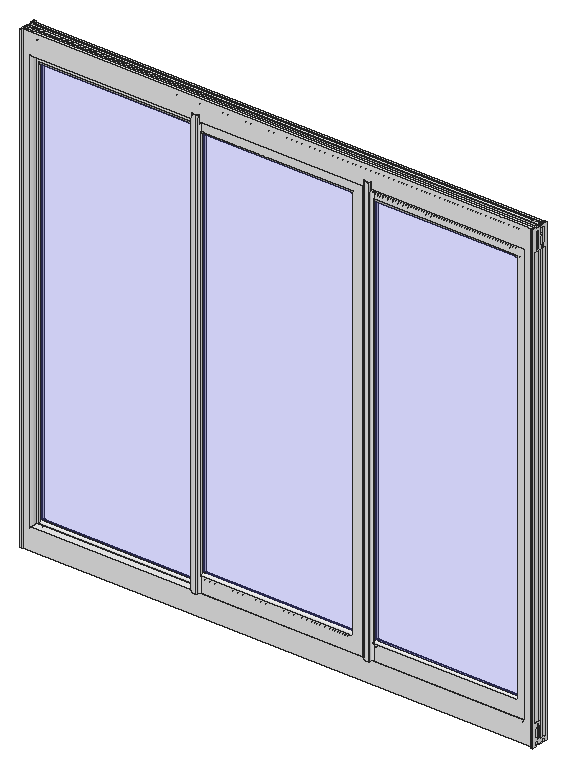
Revit family "DAL_A3-AGI-Sliding-Patio-Door-With-Side-Lights-2210mm", category Doors, host Wall, Revit 2016
Family settings
  Host = Wall
  Always vertical = Yes
  Cut with Voids When Loaded = No
  Shared = No
  Room Calculation Point = No
Parameters (values of type "AGI sliding patio door with side lights 2210mm")
  URL = "http://www.agi.co.za/patioDoor1.htm"
  Panel 2 Width = (Width / 3)  # 736.667 mm
  Panel 2 Hieght = Height - 89 mm  # 1911 mm
  Panel 1 Width = (Width / 3) - 10 mm  # 726.667 mm
  Panel 1 Hieght = Height - 154 mm  # 1846 mm
  Manufacturer = "AGI"
  Function = Interior
  Frame material = none
  Frame Projection Ext. = 25 mm
  Frame Projection Int. = 25 mm
  Frame Width = 75 mm
  Height = 2000 mm
  Wall Closure = By host
  Width = 2210 mm
Reference planes
  plane 1 "Centre(Exterior/Interior)": y = 0
  plane 2 "Center (Left/Right)": x = -250
  plane 3 "Left": x = -986.667
  plane 4 "Right": x = 1223.333
  plane 5 "Top": z = 2000
  plane 6 "Exterior": y = 75
  plane 7 "Interior": y = -75
  plane 8: z = 25
  plane 9 "Panel top": z = 1936.037
  plane 10: x = -976.667
  plane 11: x = 1213.333
  plane 12: z = 90
  plane 13: x = 486.667
Forms (mm)
  Sweep 1, solid, material <- "Frame material", detail levels medium+fine
    path origin (0, 0, 0) x (1, 0, 0) y (0, 0, 1)
      loop
        line (1223.333, 0) -> (-986.667, 0)
    profile "AGI SLIDING PATIO Base frame profile : AGI SLIDING PATIO Base frame profile" origin (118.333, 0, 0) x (0, 0, -1) y (0, -1, 0)
      loop
        line (-90, 32.5) -> (-90, -2.5) -> (-73.55, -2.5) -> (-73.55, 2.5) -> (-86, 2.5) -> (-86, 4.847) -> (-23.5, 4.847) -> (-23.5, -1) -> (-12.362, -1) -> (-12.362, 1) -> (-21, 1) -> (-21, 21.5) -> (-33.87, 21.5) -> (-33.87, 19) -> (-23.5, 19) -> (-23.5, 7.347) -> (-86, 7.347) -> (-86, 19) -> (-73.55, 19) -> (-65.757, 26.793) -> (-69.293, 26.793) -> (-74.586, 21.5) -> (-86, 21.5) -> (-86, 32.5) -> (-90, 32.5)
      loop
        line (-2, 22.5) -> (0, 22.5) -> (0, 32.5) -> (-85, 32.5) -> (-85, 22.5) -> (-75, 22.5) -> (-70, 27.5) -> (-20, 27.5) -> (-20, 3.847) -> (-18.194, 3.847)
        arc (-18.194, 3.847) -> (-10, 0) -> (-18.194, -3.847) r 5
        line (-18.194, -3.847) -> (-20, -3.847) -> (-19.131, -17.639) -> (-25, -17.639) -> (-25, -19.673) -> (-19.003, -19.673) -> (-18.352, -30) -> (-2, -30) -> (-2, -32.5) -> (0, -32.5) -> (0, -25) -> (-13.657, -25) -> (-14.603, -9.992)
        arc (-14.603, -9.992) -> (-8.146, -7.281) -> (-5.05, -1) r 10
        line (-5.05, -1) -> (0, -1) -> (0, 1) -> (-5.05, 1)
        arc (-5.05, 1) -> (-8.292, 7.416) -> (-15, 10) r 10
        line (-15, 10) -> (-15, 27.5) -> (-2, 27.5) -> (-2, 22.5)
  Sweep 2, solid, material <- "Frame material", detail levels medium+fine
    path origin (0, 0, 0) x (1, 0, 0) y (0, 0, 1)
      loop
        line (1223.333, 2000) -> (1223.333, 0)
    profile "AGI SLIDING PATIO side frame profile : AGI SLIDING PATIO side frame profile" origin (1223.333, 0, 1000) x (1, 0, 0) y (0, -1, 0)
      loop
        line (-10, -32.5) -> (-10, -37.5) -> (0, -37.5) -> (0, -32.5) -> (-2, -32.5) -> (-2, -35.5) -> (-5, -35.5) -> (-5, -11.015) -> (-2, -11.015) -> (-2, -6.015) -> (-5, -6.015) -> (-5, -2.5) -> (-2, -2.5) -> (-2, 2.5) -> (-5, 2.5) -> (-5, 35.5) -> (-2, 35.5) -> (-2, 32.5) -> (0, 32.5) -> (0, 37.5) -> (-10, 37.5) -> (-10, 32.5) -> (-40, 32.5) -> (-40, 27.5) -> (-10, 27.5) -> (-10, 2) -> (-8, 2) -> (-8, -2) -> (-10, -2) -> (-10, -27.5) -> (-37.71, -27.5) -> (-37.71, -26.5) -> (-11, -26.5) -> (-11, -24.5) -> (-36.319, -24.5)
        arc (-36.319, -24.5) -> (-38.09, -14) -> (-36.319, -3.5) r 32.018
        line (-36.319, -3.5) -> (-30.069, -3.5) -> (-30.069, -1) -> (-9, -1) -> (-9, 1) -> (-40, 1)
        arc (-40, 1) -> (-42.935, -15.75) -> (-40, -32.5) r 49.268
        line (-40, -32.5) -> (-10, -32.5)
  Sweep 3, solid, material <- "Frame material", detail levels medium+fine
    path origin (0, 0, 0) x (1, 0, 0) y (0, 0, 1)
      loop
        line (-986.667, 2000) -> (1223.333, 2000)
    profile "AGI SLIDING PATIO Top frame profile : AGI SLIDING PATIO Top frame profile" origin (118.333, 0, 2000) x (0, 0, 1) y (0, -1, 0)
      loop
        line (0, 1.5) -> (-5, 1.5) -> (-5, 27.5) -> (-2, 27.5) -> (-2, 22.5) -> (0, 22.5) -> (0, 32.5) -> (-90, 32.5) -> (-90, 22.5) -> (-75, 22.5) -> (-75, 27.5) -> (-10, 27.5) -> (-10, 1.5) -> (-27.652, 1.5)
        arc (-27.652, 1.5) -> (-28.663, 4.011) -> (-30.5, 6) r 7.5
        line (-30.5, 6) -> (-27.08, 6) -> (-27.08, 2.18) -> (-11, 8) -> (-88, 8) -> (-88, 19.5) -> (-11, 19.5) -> (-27.08, 26.5) -> (-27.08, 21.5) -> (-90, 21.5) -> (-90, 6) -> (-39.5, 6)
        arc (-39.5, 6) -> (-41.337, 4.011) -> (-42.348, 1.5) r 7.5
        line (-42.348, 1.5) -> (-75, 1.5) -> (-75, 5) -> (-90, 5) -> (-90, -5) -> (-75, -5) -> (-75, -1.5) -> (-42.348, -1.5)
        arc (-42.348, -1.5) -> (-41.321, -4.036) -> (-39.453, -6.035) r 7.5
        line (-39.453, -6.035) -> (-36.781, -2.414)
        arc (-36.781, -2.414) -> (-35, 3) -> (-33.219, -2.414) r 3
        line (-33.219, -2.414) -> (-30.547, -6.035)
        arc (-30.547, -6.035) -> (-28.679, -4.036) -> (-27.652, -1.5) r 7.5
        line (-27.652, -1.5) -> (-10, -1.5) -> (-10, -27.5) -> (-75, -27.5) -> (-75, -22.5) -> (-90, -22.5) -> (-90, -32.5) -> (0, -32.5) -> (0, -22.5) -> (-2, -22.5) -> (-2, -27.5) -> (-5, -27.5) -> (-5, -1.5) -> (0, -1.5) -> (0, 1.5)
  Sweep 4, solid, material <- "Frame material", detail levels medium+fine
    path origin (0, 0, 0) x (1, 0, 0) y (0, 0, 1)
      loop
        line (-986.667, 2000) -> (-986.667, 0)
    profile "AGI SLIDING PATIO side frame profile : AGI SLIDING PATIO side frame profile" origin (-986.667, 0, 1000) x (1, 0, 0) y (0, -1, 0)
      loop
        line (10, 32.5) -> (10, 37.5) -> (0, 37.5) -> (0, 32.5) -> (2, 32.5) -> (2, 35.5) -> (5, 35.5) -> (5, 11.015) -> (2, 11.015) -> (2, 6.015) -> (5, 6.015) -> (5, 2.5) -> (2, 2.5) -> (2, -2.5) -> (5, -2.5) -> (5, -35.5) -> (2, -35.5) -> (2, -32.5) -> (0, -32.5) -> (0, -37.5) -> (10, -37.5) -> (10, -32.5) -> (40, -32.5) -> (40, -27.5) -> (10, -27.5) -> (10, -2) -> (8, -2) -> (8, 2) -> (10, 2) -> (10, 27.5) -> (37.71, 27.5) -> (37.71, 26.5) -> (11, 26.5) -> (11, 24.5) -> (36.319, 24.5)
        arc (36.319, 24.5) -> (38.09, 14) -> (36.319, 3.5) r 32.018
        line (36.319, 3.5) -> (30.069, 3.5) -> (30.069, 1) -> (9, 1) -> (9, -1) -> (40, -1)
        arc (40, -1) -> (42.935, 15.75) -> (40, 32.5) r 49.268
        line (40, 32.5) -> (10, 32.5)
Cuts and joins
  joined: Sweep 1, Sweep 2, Sweep 3, Sweep 4
Lines and regions (mm)
  Opening 1
    outline origin (-3050, -75, 0) x (1, 0, 0) y (0, 0, 1)
      loop
        line (2063.333, 0) -> (4273.333, 0) -> (4273.333, 2000) -> (2063.333, 2000) -> (2063.333, 0)
  symbolic lines, style "Elevation Swing"
    curve 1: line (206.116, 12.619, 0) -> (101.116, 12.619, 0)
    curve 2: line (101.116, 12.619, 0) -> (115.258, -1.523, 0)
    curve 3: line (101.116, 12.619, 0) -> (115.258, 26.761, 0)
    curve 14: line (916.116, 12.619, 0) -> (811.116, 12.619, 0)
    curve 15: line (811.116, 12.619, 0) -> (825.258, -1.523, 0)
    curve 16: line (811.116, 12.619, 0) -> (825.258, 26.761, 0)
  symbolic lines, style "Overhead line", detail levels coarse
    curve 4: line (-986.667, 75, 0) -> (1223.333, 75, 0)
    curve 5: line (1223.333, -75, 0) -> (-986.667, -75, 0)
  symbolic lines, style "DoorsPanelProjection", detail levels coarse
    curve 6: line (-986.667, 17, 0) -> (-250, 17, 0)
    curve 7: line (115, 0, 1013) -> (-5, 0, 1013)
    curve 8: line (-5, 0, 1013) -> (9.142, 0, 1027.142)
    curve 9: line (-5, 0, 1013) -> (9.142, 0, 998.858)
    curve 10: line (731.667, 0, 1013) -> (611.667, 0, 1013)
    curve 11: line (611.667, 0, 1013) -> (625.809, 0, 1027.142)
    curve 12: line (611.667, 0, 1013) -> (625.809, 0, 998.858)
    curve 13: line (1223.333, -14.5, 0) -> (-250, -14.5, 0)
Text (mm)
  text "Exterior" at (-2295.016, 1099.543, 0), in view "Ref. Level"
  text "Exterior" at (0, 1615.38, 3698.081), in view "Left"
  text "Exterior" at (0, 1036.032, 3874.932), in view "Right"
Dimensions and locks
  equal spacing: plane 3 "Left", plane 2 "Center (Left/Right)", plane 13, plane 4 "Right"
  "Width": plane 3 "Left" to plane 4 "Right"
  "Height": plane 5 "Top" to host wall
  host wall to plane 5 "Top" = 2000 mm  (x2)
  locked: plane 6 "Exterior" to host wall at 0
  locked: plane 7 "Interior" to host wall
  locked: level to plane 8 at 25
  locked: plane 3 "Left" to plane 10 at 10
  locked: plane 11 to plane 4 "Right" at 10
  locked: level to plane 12 at 90
  aligned and locked: plane 3 "Left" to Opening 1 sketch curve
  aligned and locked: plane 5 "Top" to Opening 1 sketch curve  (x2)
  aligned and locked: Opening 1 sketch curve to plane 4 "Right"
  aligned and locked: Opening 1 sketch curve to level
  aligned and locked: plane 1 "Centre(Exterior/Interior)" to host wall
  aligned and locked: level to Sweep 1 sketch curve
  aligned and locked: plane 4 "Right" to Sweep 1 sketch curve
  aligned and locked: plane 3 "Left" to Sweep 1 sketch curve
  aligned and locked: plane 4 "Right" to Sweep 2 sketch curve
  aligned and locked: plane 5 "Top" to Sweep 2 sketch curve
  aligned and locked: level to Sweep 2 sketch curve
  aligned and locked: plane 5 "Top" to Sweep 3 sketch curve
  aligned and locked: plane 4 "Right" to Sweep 3 sketch curve
  aligned and locked: plane 3 "Left" to Sweep 3 sketch curve
  aligned and locked: plane 3 "Left" to Sweep 4 sketch curve
  aligned and locked: plane 5 "Top" to Sweep 4 sketch curve
  aligned and locked: level to Sweep 4 sketch curve
  aligned and locked: nested 1 to plane 8
  aligned and locked: plane 3 "Left" to curve 4
  aligned and locked: plane 4 "Right" to curve 4
  aligned and locked: plane 4 "Right" to curve 5
  aligned and locked: curve 5 to plane 7 "Interior"
  aligned and locked: plane 6 "Exterior" to curve 4
  aligned and locked: plane 2 "Center (Left/Right)" to curve 6
  aligned and locked: plane 3 "Left" to curve 6
  aligned and locked: plane 12 to nested 3
  aligned and locked: plane 13 to nested 3
  aligned and locked: nested 3 to nested 2
  aligned and locked: plane 11 to nested 2
  aligned and locked: nested 1 to plane 10
  aligned and locked: nested 2 to cut or joined group of Sweep 1, Sweep 2, Sweep 3, Sweep 4
  aligned and locked: cut or joined group of Sweep 1, Sweep 2, Sweep 3, Sweep 4 to nested 1
  aligned and locked: plane 2 "Center (Left/Right)" to curve 13
  aligned and locked: plane 4 "Right" to curve 13
  aligned and locked: curve 13 to nested 2
Automatic sketch dimensions
  plane 2 "Center (Left/Right)" to curve 7 = 245 mm
  curve 7 to curve 8 = 14.142 mm
  curve 7 to curve 9 = 14.142 mm
  curve 8 to curve 7 = 105.858 mm
  plane 13 to curve 10 = 125 mm
  curve 12 to curve 11 = 14.142 mm
  curve 12 to curve 12 = 14.142 mm  (x2)
  curve 11 to curve 10 = 105.858 mm
  curve 9 to plane 12 = 908.858 mm
  curve 12 to curve 9 = 0 mm
  curve 9 to curve 8 = 14.142 mm
  curve 5 to plane 3 "Left" = 0 mm
  curve 1 to host wall = 12.619 mm
  plane 2 "Center (Left/Right)" to curve 1 = 351.116 mm
  curve 3 to host wall = 26.761 mm
  curve 1 to curve 3 = 14.142 mm
  host wall to curve 2 = 1.523 mm
  curve 3 to curve 1 = 90.858 mm
  curve 16 to host wall = 12.619 mm
  plane 13 to curve 16 = 324.449 mm
  host wall to curve 15 = 1.523 mm
  curve 14 to curve 15 = 14.142 mm
  curve 16 to host wall = 26.761 mm
  curve 16 to curve 14 = 90.858 mm
  curve 6 to host wall = 17 mm
Nested families
  nested 1: "AGI sliding patio side i" at (-465.533, 17, 25), type "AGI sliding patio side i", detail levels medium+fine
    with Width 736.667 mm
  nested 2: "AGI sliding patio side II" at (992.8, -14.5, 90), type "AGI sliding patio side II", detail levels medium+fine
    with Width 726.667 mm
  nested 3: "AGI sliding patio side IV" at (256.133, -14.5, 90), type "AGI sliding patio side II", detail levels medium+fine
    with Width 736.667 mm
Definition of nested family "AGI sliding patio side i"
  Parameters
    Width = 750 mm
    Height = 1911 mm
    Glass = none
    Frame = none
    Assembly Code = ""
  Reference planes
    plane 1 "Center (Front/Back)": y = 0
    plane 2: z = 0
    plane 3 "Center (Left/Right)": x = -142.8
    plane 4 "Right": x = 232.2
    plane 5 "Left": x = -517.8
    plane 6: z = 1911
    plane 7: z = 1846
    plane 8: z = 65
    plane 9 "PANEL": y = 2.5
    plane 10: x = -488.8
    plane 11: x = 203.2
  Forms (mm)
    Sweep 1, solid
      path origin (0, 0, 0) x (1, 0, 0) y (0, 1, 0)
        loop
          line (232.2, 0) -> (-517.8, 0)
      profile "AGI panel top & bottom profile : AGI panel top & bottom profile" origin (-142.8, 0, 0) x (0, -1, 0) y (0, 0, 1)
        loop
          line (13, 0) -> (13, 65)
          arc (13, 65) -> (9.925, 72.425) -> (2.5, 75.5) r 10.5
          line (2.5, 75.5) -> (2.5, 65) -> (5, 65) -> (5, 69.899)
          arc (5, 69.899) -> (7.19, 67.872) -> (8, 65) r 5.5
          line (8, 65) -> (8, 54.802) -> (3.867, 54.802)
          arc (3.867, 54.802) -> (0, 56.632) -> (-3.867, 54.802) r 5
          line (-3.867, 54.802) -> (-8, 54.802) -> (-8, 65)
          arc (-8, 65) -> (-7.19, 67.872) -> (-5, 69.899) r 5.5
          line (-5, 69.899) -> (-5, 65) -> (-2.5, 65) -> (-2.5, 75.5)
          arc (-2.5, 75.5) -> (-9.925, 72.425) -> (-13, 65) r 10.5
          line (-13, 65) -> (-13, 0) -> (-5, 0) -> (-5, 5) -> (-8, 5) -> (-8, 49.802) -> (-4.653, 49.802)
          arc (-4.653, 49.802) -> (-3.789, 48.369) -> (-2.5, 47.302) r 5
          line (-2.5, 47.302) -> (-0.948, 49.319)
          arc (-0.948, 49.319) -> (-0.168, 54.126) -> (1.25, 49.467) r 2.5
          line (1.25, 49.467) -> (2.5, 47.302)
          arc (2.5, 47.302) -> (3.789, 48.369) -> (4.653, 49.802) r 5
          line (4.653, 49.802) -> (8, 49.802) -> (8, 5) -> (5, 5) -> (5, 0) -> (13, 0)
    Sweep 2, solid
      path origin (0, 0, 0) x (1, 0, 0) y (0, 0, 1)
        loop
          line (-517.8, 1911) -> (232.2, 1911)
      profile "AGI panel top & bottom profile : AGI panel top & bottom profile" origin (-142.8, 0, 1911) x (0, 0, 1) y (0, -1, 0)
        loop
          line (0, 13) -> (-65, 13)
          arc (-65, 13) -> (-72.425, 9.925) -> (-75.5, 2.5) r 10.5
          line (-75.5, 2.5) -> (-65, 2.5) -> (-65, 5) -> (-69.899, 5)
          arc (-69.899, 5) -> (-67.872, 7.19) -> (-65, 8) r 5.5
          line (-65, 8) -> (-54.802, 8) -> (-54.802, 3.867)
          arc (-54.802, 3.867) -> (-56.632, 0) -> (-54.802, -3.867) r 5
          line (-54.802, -3.867) -> (-54.802, -8) -> (-65, -8)
          arc (-65, -8) -> (-67.872, -7.19) -> (-69.899, -5) r 5.5
          line (-69.899, -5) -> (-65, -5) -> (-65, -2.5) -> (-75.5, -2.5)
          arc (-75.5, -2.5) -> (-72.425, -9.925) -> (-65, -13) r 10.5
          line (-65, -13) -> (0, -13) -> (0, -5) -> (-5, -5) -> (-5, -8) -> (-49.802, -8) -> (-49.802, -4.653)
          arc (-49.802, -4.653) -> (-48.369, -3.789) -> (-47.302, -2.5) r 5
          line (-47.302, -2.5) -> (-49.319, -0.948)
          arc (-49.319, -0.948) -> (-54.126, -0.168) -> (-49.467, 1.25) r 2.5
          line (-49.467, 1.25) -> (-47.302, 2.5)
          arc (-47.302, 2.5) -> (-48.369, 3.789) -> (-49.802, 4.653) r 5
          line (-49.802, 4.653) -> (-49.802, 8) -> (-5, 8) -> (-5, 5) -> (0, 5) -> (0, 13)
    Sweep 3, solid
      path origin (0, 0, 0) x (1, 0, 0) y (0, 0, 1)
        loop
          line (-517.8, 1911) -> (-517.8, 0)
      profile "AGI panel side profile i : AGI panel side profile i" origin (-517.8, 0, 955.5) x (1, 0, 0) y (0, -1, 0)
        loop
          line (0, 13) -> (0, 8) -> (12, 8) -> (12, -8) -> (0, -8) -> (0, -13) -> (40, -13) -> (40, -8) -> (39, -8) -> (39, -2.5) -> (29, -2.5) -> (29, -5) -> (34, -5) -> (34, -8) -> (17, -8) -> (17, 8) -> (34, 8) -> (34, 5) -> (29, 5) -> (29, 2.5) -> (39, 2.5) -> (39, 8) -> (40, 8) -> (40, 13) -> (0, 13)
    Sweep 4, solid
      path origin (0, 0, 0) x (1, 0, 0) y (0, 0, 1)
        loop
          line (232.2, 1911) -> (232.2, 0)
      profile "AGI panel side profile st : AGI panel side profile st" origin (232.2, 0, 955.5) x (1, 0, 0) y (0, -1, 0)
        loop
          line (0.808, 8) -> (-13.241, 8) -> (-12, 6.759) -> (-12, -8) -> (-1.155, -8)
          arc (-1.155, -8) -> (1.377, -0.19) -> (0.808, 8) r 21.581
        loop
          arc (1.595, -13) -> (6.537, 2.438) -> (1.595, 17.875) r 26.581
          line (1.595, 17.875) -> (-12, 17.875) -> (0, 15) -> (0, 13) -> (-40, 13) -> (-40, 8) -> (-39, 8) -> (-39, 2.5) -> (-29, 2.5) -> (-29, 5) -> (-34, 5) -> (-34, 8) -> (-20, 8) -> (-17, 5) -> (-17, -8) -> (-34, -8) -> (-34, -5) -> (-29, -5) -> (-29, -2.5) -> (-39, -2.5) -> (-39, -8) -> (-40, -8) -> (-40, -13) -> (1.595, -13)
    Extrusion 5, solid, material <- "Glass"
      sketch origin (0, 2.5, 0) x (1, 0, 0) y (0, 0, 1)
        loop
          line (-488.8, 65) -> (203.2, 65) -> (203.2, 1846) -> (-488.8, 1846) -> (-488.8, 65)
      from 0 to 5
  Cuts and joins
    joined: Sweep 1, Sweep 2, Sweep 3, Sweep 4
  Dimensions and locks
    equal spacing: plane 5 "Left", plane 3 "Center (Left/Right)", plane 4 "Right"
    "Width": plane 5 "Left" to plane 4 "Right"
    "Height": plane 6 to plane 2
    locked: level to plane 8 at 65
    locked: plane 7 to plane 6 at 65
    locked: plane 5 "Left" to plane 10 at 29
    locked: plane 11 to plane 4 "Right" at 29
    aligned and locked: level to plane 2
    aligned and locked: Sweep 1 sketch curve to plane 1 "Center (Front/Back)"
    aligned and locked: plane 5 "Left" to Sweep 1 sketch curve
    aligned and locked: plane 4 "Right" to Sweep 1 sketch curve
    aligned and locked: Sweep 2 sketch curve to plane 6
    aligned and locked: plane 5 "Left" to Sweep 2 sketch curve
    aligned and locked: plane 4 "Right" to Sweep 2 sketch curve
    aligned and locked: Sweep 3 sketch curve to plane 5 "Left"
    aligned and locked: plane 6 to Sweep 3 sketch curve
    aligned and locked: plane 2 to Sweep 3 sketch curve
    aligned and locked: Sweep 4 sketch curve to plane 4 "Right"
    aligned and locked: plane 6 to Sweep 4 sketch curve
    aligned and locked: plane 2 to Sweep 4 sketch curve
    aligned and locked: Extrusion 5 sketch curve to plane 10
    aligned and locked: Extrusion 5 sketch curve to plane 7
    aligned and locked: Extrusion 5 sketch curve to plane 8
    aligned and locked: Extrusion 5 sketch curve to plane 11
Definition of nested family "AGI sliding patio side II"
  Parameters
    Width = 500 mm
    Height = 1846 mm
    Glass = none
    Frame = none
    Assembly Code = ""
  Reference planes
    plane 1 "Center (Front/Back)": y = 0
    plane 2: z = 0
    plane 3 "Center (Left/Right)": x = -142.8
    plane 4 "Right": x = 107.2
    plane 5 "Left": x = -392.8
    plane 6: z = 1846
    plane 7: z = 1781
    plane 8: z = 65
    plane 9 "PANEL": y = 2.5
    plane 10: x = -363.8
    plane 11: x = 53.2
  Forms (mm)
    Sweep 1, solid
      path origin (0, 0, 0) x (1, 0, 0) y (0, 1, 0)
        loop
          line (107.2, 0) -> (-392.8, 0)
      profile "AGI panel top & bottom profile : AGI panel top & bottom profile" origin (-142.8, 0, 0) x (0, -1, 0) y (0, 0, 1)
        loop
          line (13, 0) -> (13, 65)
          arc (13, 65) -> (9.925, 72.425) -> (2.5, 75.5) r 10.5
          line (2.5, 75.5) -> (2.5, 65) -> (5, 65) -> (5, 69.899)
          arc (5, 69.899) -> (7.19, 67.872) -> (8, 65) r 5.5
          line (8, 65) -> (8, 54.802) -> (3.867, 54.802)
          arc (3.867, 54.802) -> (0, 56.632) -> (-3.867, 54.802) r 5
          line (-3.867, 54.802) -> (-8, 54.802) -> (-8, 65)
          arc (-8, 65) -> (-7.19, 67.872) -> (-5, 69.899) r 5.5
          line (-5, 69.899) -> (-5, 65) -> (-2.5, 65) -> (-2.5, 75.5)
          arc (-2.5, 75.5) -> (-9.925, 72.425) -> (-13, 65) r 10.5
          line (-13, 65) -> (-13, 0) -> (-5, 0) -> (-5, 5) -> (-8, 5) -> (-8, 49.802) -> (-4.653, 49.802)
          arc (-4.653, 49.802) -> (-3.789, 48.369) -> (-2.5, 47.302) r 5
          line (-2.5, 47.302) -> (-0.948, 49.319)
          arc (-0.948, 49.319) -> (-0.168, 54.126) -> (1.25, 49.467) r 2.5
          line (1.25, 49.467) -> (2.5, 47.302)
          arc (2.5, 47.302) -> (3.789, 48.369) -> (4.653, 49.802) r 5
          line (4.653, 49.802) -> (8, 49.802) -> (8, 5) -> (5, 5) -> (5, 0) -> (13, 0)
    Sweep 2, solid
      path origin (0, 0, 0) x (1, 0, 0) y (0, 0, 1)
        loop
          line (-392.8, 1846) -> (107.2, 1846)
      profile "AGI panel top & bottom profile : AGI panel top & bottom profile" origin (-142.8, 0, 1846) x (0, 0, 1) y (0, -1, 0)
        loop
          line (0, 13) -> (-65, 13)
          arc (-65, 13) -> (-72.425, 9.925) -> (-75.5, 2.5) r 10.5
          line (-75.5, 2.5) -> (-65, 2.5) -> (-65, 5) -> (-69.899, 5)
          arc (-69.899, 5) -> (-67.872, 7.19) -> (-65, 8) r 5.5
          line (-65, 8) -> (-54.802, 8) -> (-54.802, 3.867)
          arc (-54.802, 3.867) -> (-56.632, 0) -> (-54.802, -3.867) r 5
          line (-54.802, -3.867) -> (-54.802, -8) -> (-65, -8)
          arc (-65, -8) -> (-67.872, -7.19) -> (-69.899, -5) r 5.5
          line (-69.899, -5) -> (-65, -5) -> (-65, -2.5) -> (-75.5, -2.5)
          arc (-75.5, -2.5) -> (-72.425, -9.925) -> (-65, -13) r 10.5
          line (-65, -13) -> (0, -13) -> (0, -5) -> (-5, -5) -> (-5, -8) -> (-49.802, -8) -> (-49.802, -4.653)
          arc (-49.802, -4.653) -> (-48.369, -3.789) -> (-47.302, -2.5) r 5
          line (-47.302, -2.5) -> (-49.319, -0.948)
          arc (-49.319, -0.948) -> (-54.126, -0.168) -> (-49.467, 1.25) r 2.5
          line (-49.467, 1.25) -> (-47.302, 2.5)
          arc (-47.302, 2.5) -> (-48.369, 3.789) -> (-49.802, 4.653) r 5
          line (-49.802, 4.653) -> (-49.802, 8) -> (-5, 8) -> (-5, 5) -> (0, 5) -> (0, 13)
    Extrusion 3, solid, material <- "Glass"
      sketch origin (0, 2.5, 0) x (1, 0, 0) y (0, 0, 1)
        loop
          line (-363.8, 65) -> (53.2, 65) -> (53.2, 1781) -> (-363.8, 1781) -> (-363.8, 65)
      from 0 to 5
    Sweep 4, solid
      path origin (0, 2.5, 0) x (1, 0, 0) y (0, 0, 1)
        loop
          line (-392.8, 1846) -> (-392.8, 0)
      profile "AGI panel side profile outside : AGI panel side profile outside" origin (-392.8, 2.5, 923) x (1, 0, 0) y (0, -1, 0)
        loop
          line (5.005, -5.5) -> (14.841, -5.5) -> (13.6, -4.259) -> (13.6, 10.5) -> (5.005, 10.5) -> (5.005, -5.5)
        loop
          line (0.005, -10.5) -> (41.6, -10.5) -> (41.6, -5.5) -> (40.6, -5.5) -> (40.6, 0) -> (30.6, 0) -> (30.6, -2.5) -> (35.6, -2.5) -> (35.6, -5.5) -> (21.6, -5.5) -> (18.6, -2.5) -> (18.6, 10.5) -> (35.6, 10.5) -> (35.6, 7.5) -> (30.6, 7.5) -> (30.6, 5) -> (40.6, 5) -> (40.6, 10.5) -> (41.6, 10.5) -> (41.6, 15.5)
          arc (41.6, 15.5) -> (36.124, 20.153) -> (36.892, 27.297) r 7.681
          arc (36.892, 27.297) -> (37.161, 30.042) -> (35.01, 31.769) r 2.898
          arc (35.01, 31.769) -> (14.921, 29.201) -> (0.005, 15.5) r 33.416
          line (0.005, 15.5) -> (0.005, -10.5)
        loop
          line (5.982, 15.5) -> (38.886, 15.5)
          arc (38.886, 15.5) -> (34.795, 21.066) -> (36.063, 27.857) r 8.681
          arc (36.063, 27.857) -> (36.257, 29.614) -> (34.919, 30.769) r 1.899
          arc (34.919, 30.769) -> (17.97, 29.377) -> (4.058, 19.596) r 32.416
          arc (4.058, 19.596) -> (3.719, 16.937) -> (5.982, 15.5) r 2.5
    Sweep 5, solid
      path origin (0, 2.5, 0) x (1, 0, 0) y (0, 0, 1)
        loop
          line (107.2, 1846) -> (107.2, 0)
      profile "AGI panel side profile lng : AGI panel side profile lng" origin (107.2, 2.5, 923) x (1, 0, 0) y (0, -1, 0)
        loop
          line (-16.155, 10.5) -> (-37, 10.5) -> (-37, -5.5) -> (-16.155, -5.5) -> (-16.155, 10.5)
        loop
          line (0, -10.5) -> (0, -2.5) -> (-5, -2.5) -> (-5, -5.5) -> (-11.155, -5.5) -> (-11.155, 10.5) -> (-5, 10.5) -> (-5, 7.5) -> (0, 7.5) -> (0, 15.5) -> (-65, 15.5) -> (-65, 10.5) -> (-64, 10.5) -> (-64, 5) -> (-54, 5) -> (-54, 7.5) -> (-59, 7.5) -> (-59, 10.5) -> (-42, 10.5) -> (-42, -5.5) -> (-59, -5.5) -> (-59, -2.5) -> (-54, -2.5) -> (-54, 0) -> (-64, 0) -> (-64, -5.5) -> (-65, -5.5) -> (-65, -10.5) -> (0, -10.5)
  Cuts and joins
    joined: Sweep 1, Sweep 2, Sweep 4, Sweep 5
  Dimensions and locks
    equal spacing: plane 5 "Left", plane 3 "Center (Left/Right)", plane 4 "Right"
    "Width": plane 5 "Left" to plane 4 "Right"
    "Height": plane 6 to plane 2
    locked: level to plane 8 at 65
    locked: plane 7 to plane 6 at 65
    locked: plane 5 "Left" to plane 10 at 29
    locked: plane 11 to plane 4 "Right" at 54
    aligned and locked: level to plane 2
    aligned and locked: Sweep 1 sketch curve to plane 1 "Center (Front/Back)"
    aligned and locked: plane 5 "Left" to Sweep 1 sketch curve
    aligned and locked: plane 4 "Right" to Sweep 1 sketch curve
    aligned and locked: Sweep 2 sketch curve to plane 6
    aligned and locked: plane 5 "Left" to Sweep 2 sketch curve
    aligned and locked: plane 4 "Right" to Sweep 2 sketch curve
    aligned and locked: Extrusion 3 sketch curve to plane 10
    aligned and locked: Extrusion 3 sketch curve to plane 7
    aligned and locked: Extrusion 3 sketch curve to plane 8
    aligned and locked: Extrusion 3 sketch curve to plane 11
    aligned and locked: Sweep 4 sketch curve to plane 5 "Left"
    aligned and locked: plane 6 to Sweep 4 sketch curve
    aligned and locked: plane 2 to Sweep 4 sketch curve
    aligned and locked: Sweep 5 sketch curve to plane 4 "Right"
    aligned and locked: plane 6 to Sweep 5 sketch curve
    aligned and locked: plane 2 to Sweep 5 sketch curve
  Automatic sketch dimensions
    Sweep 4 sketch curve to level = 0 mm
Definition of nested family "AGI sliding patio side IV"
  Parameters
    Width = 500 mm
    Height = 1846 mm
    Glass = none
    Frame = none
    Assembly Code = ""
  Reference planes
    plane 1 "Center (Front/Back)": y = 0
    plane 2: z = 0
    plane 3 "Center (Left/Right)": x = -142.8
    plane 4 "Right": x = 107.2
    plane 5 "Left": x = -392.8
    plane 6: z = 1846
    plane 7: z = 1781
    plane 8: z = 65
    plane 9 "PANEL": y = 2.5
    plane 10: x = -363.8
    plane 11: x = 78.2
  Forms (mm)
    Sweep 1, solid
      path origin (0, 0, 0) x (1, 0, 0) y (0, 1, 0)
        loop
          line (107.2, 0) -> (-392.8, 0)
      profile "AGI panel top & bottom profile : AGI panel top & bottom profile" origin (-142.8, 0, 0) x (0, -1, 0) y (0, 0, 1)
        loop
          line (13, 0) -> (13, 65)
          arc (13, 65) -> (9.925, 72.425) -> (2.5, 75.5) r 10.5
          line (2.5, 75.5) -> (2.5, 65) -> (5, 65) -> (5, 69.899)
          arc (5, 69.899) -> (7.19, 67.872) -> (8, 65) r 5.5
          line (8, 65) -> (8, 54.802) -> (3.867, 54.802)
          arc (3.867, 54.802) -> (0, 56.632) -> (-3.867, 54.802) r 5
          line (-3.867, 54.802) -> (-8, 54.802) -> (-8, 65)
          arc (-8, 65) -> (-7.19, 67.872) -> (-5, 69.899) r 5.5
          line (-5, 69.899) -> (-5, 65) -> (-2.5, 65) -> (-2.5, 75.5)
          arc (-2.5, 75.5) -> (-9.925, 72.425) -> (-13, 65) r 10.5
          line (-13, 65) -> (-13, 0) -> (-5, 0) -> (-5, 5) -> (-8, 5) -> (-8, 49.802) -> (-4.653, 49.802)
          arc (-4.653, 49.802) -> (-3.789, 48.369) -> (-2.5, 47.302) r 5
          line (-2.5, 47.302) -> (-0.948, 49.319)
          arc (-0.948, 49.319) -> (-0.168, 54.126) -> (1.25, 49.467) r 2.5
          line (1.25, 49.467) -> (2.5, 47.302)
          arc (2.5, 47.302) -> (3.789, 48.369) -> (4.653, 49.802) r 5
          line (4.653, 49.802) -> (8, 49.802) -> (8, 5) -> (5, 5) -> (5, 0) -> (13, 0)
    Sweep 2, solid
      path origin (0, 0, 0) x (1, 0, 0) y (0, 0, 1)
        loop
          line (-392.8, 1846) -> (107.2, 1846)
      profile "AGI panel top & bottom profile : AGI panel top & bottom profile" origin (-142.8, 0, 1846) x (0, 0, 1) y (0, -1, 0)
        loop
          line (0, 13) -> (-65, 13)
          arc (-65, 13) -> (-72.425, 9.925) -> (-75.5, 2.5) r 10.5
          line (-75.5, 2.5) -> (-65, 2.5) -> (-65, 5) -> (-69.899, 5)
          arc (-69.899, 5) -> (-67.872, 7.19) -> (-65, 8) r 5.5
          line (-65, 8) -> (-54.802, 8) -> (-54.802, 3.867)
          arc (-54.802, 3.867) -> (-56.632, 0) -> (-54.802, -3.867) r 5
          line (-54.802, -3.867) -> (-54.802, -8) -> (-65, -8)
          arc (-65, -8) -> (-67.872, -7.19) -> (-69.899, -5) r 5.5
          line (-69.899, -5) -> (-65, -5) -> (-65, -2.5) -> (-75.5, -2.5)
          arc (-75.5, -2.5) -> (-72.425, -9.925) -> (-65, -13) r 10.5
          line (-65, -13) -> (0, -13) -> (0, -5) -> (-5, -5) -> (-5, -8) -> (-49.802, -8) -> (-49.802, -4.653)
          arc (-49.802, -4.653) -> (-48.369, -3.789) -> (-47.302, -2.5) r 5
          line (-47.302, -2.5) -> (-49.319, -0.948)
          arc (-49.319, -0.948) -> (-54.126, -0.168) -> (-49.467, 1.25) r 2.5
          line (-49.467, 1.25) -> (-47.302, 2.5)
          arc (-47.302, 2.5) -> (-48.369, 3.789) -> (-49.802, 4.653) r 5
          line (-49.802, 4.653) -> (-49.802, 8) -> (-5, 8) -> (-5, 5) -> (0, 5) -> (0, 13)
    Extrusion 3, solid, material <- "Glass"
      sketch origin (0, 2.5, 0) x (1, 0, 0) y (0, 0, 1)
        loop
          line (-363.8, 65) -> (78.2, 65) -> (78.2, 1781) -> (-363.8, 1781) -> (-363.8, 65)
      from 0 to 5
    Sweep 4, solid
      path origin (0, 2.5, 0) x (1, 0, 0) y (0, 0, 1)
        loop
          line (-392.8, 1846) -> (-392.8, 0)
      profile "AGI panel side profile outside : AGI panel side profile outside" origin (-392.8, 2.5, 923) x (1, 0, 0) y (0, -1, 0)
        loop
          line (-0.808, -5.5) -> (13.241, -5.5) -> (12, -4.259) -> (12, 10.5) -> (1.155, 10.5)
          arc (1.155, 10.5) -> (-1.377, 2.69) -> (-0.808, -5.5) r 21.581
        loop
          line (0, -10.5) -> (40, -10.5) -> (40, -5.5) -> (39, -5.5) -> (39, 0) -> (29, 0) -> (29, -2.5) -> (34, -2.5) -> (34, -5.5) -> (20, -5.5) -> (17, -2.5) -> (17, 10.5) -> (34, 10.5) -> (34, 7.5) -> (29, 7.5) -> (29, 5) -> (39, 5) -> (39, 10.5) -> (40, 10.5) -> (40, 15.5)
          arc (40, 15.5) -> (34.524, 20.153) -> (35.292, 27.297) r 7.681
          arc (35.292, 27.297) -> (35.561, 30.042) -> (33.41, 31.769) r 2.898
          arc (33.41, 31.769) -> (13.321, 29.201) -> (-1.595, 15.5) r 33.416
          arc (-1.595, 15.5) -> (-6.537, 0.062) -> (-1.595, -15.375) r 26.581
          line (-1.595, -15.375) -> (12, -15.375) -> (0, -12.5) -> (0, -10.5)
        loop
          line (-0.437, 15.5) -> (37.286, 15.5)
          arc (37.286, 15.5) -> (33.195, 21.066) -> (34.463, 27.857) r 8.681
          arc (34.463, 27.857) -> (34.657, 29.614) -> (33.319, 30.769) r 1.899
          arc (33.319, 30.769) -> (14.045, 28.432) -> (-0.437, 15.5) r 32.416
    Sweep 5, solid
      path origin (0, 0, 0) x (1, 0, 0) y (0, 0, 1)
        loop
          line (107.2, 1846) -> (107.2, 0)
      profile "AGI panel side profile II : AGI panel side profile II" origin (107.2, 0, 923) x (1, 0, 0) y (0, -1, 0)
        loop
          line (0, -8) -> (0, 8) -> (-12, 8) -> (-12, -8) -> (0, -8)
        loop
          line (2.502, 13) -> (-40, 13) -> (-40, 8) -> (-39, 8) -> (-39, 2.5) -> (-29, 2.5) -> (-29, 5) -> (-34, 5) -> (-34, 8) -> (-17, 8) -> (-17, -8) -> (-34, -8) -> (-34, -5) -> (-29, -5) -> (-29, -2.5) -> (-39, -2.5) -> (-39, -8) -> (-40, -8) -> (-40, -13) -> (2.5, -13)
          arc (2.5, -13) -> (4.268, -12.268) -> (5, -10.5) r 2.5
          line (5, -10.5) -> (5, 10.502)
          arc (5, 10.502) -> (4.268, 12.268) -> (2.502, 13) r 2.498
  Cuts and joins
    joined: Sweep 1, Sweep 2, Sweep 4, Sweep 5
  Dimensions and locks
    equal spacing: plane 5 "Left", plane 3 "Center (Left/Right)", plane 4 "Right"
    "Width": plane 5 "Left" to plane 4 "Right"
    "Height": plane 6 to plane 2
    locked: level to plane 8 at 65
    locked: plane 7 to plane 6 at 65
    locked: plane 5 "Left" to plane 10 at 29
    locked: plane 11 to plane 4 "Right" at 29
    aligned and locked: level to plane 2
    aligned and locked: Sweep 1 sketch curve to plane 1 "Center (Front/Back)"
    aligned and locked: plane 5 "Left" to Sweep 1 sketch curve
    aligned and locked: plane 4 "Right" to Sweep 1 sketch curve
    aligned and locked: Sweep 2 sketch curve to plane 6
    aligned and locked: plane 5 "Left" to Sweep 2 sketch curve
    aligned and locked: plane 4 "Right" to Sweep 2 sketch curve
    aligned and locked: Extrusion 3 sketch curve to plane 10
    aligned and locked: Extrusion 3 sketch curve to plane 7
    aligned and locked: Extrusion 3 sketch curve to plane 8
    aligned and locked: Extrusion 3 sketch curve to plane 11
    aligned and locked: Sweep 4 sketch curve to plane 5 "Left"
    aligned and locked: plane 6 to Sweep 4 sketch curve
    aligned and locked: plane 2 to Sweep 4 sketch curve
    aligned and locked: plane 6 to Sweep 5 sketch curve
    aligned and locked: plane 2 to Sweep 5 sketch curve
  Automatic sketch dimensions
    Sweep 4 sketch curve to level = 0 mm
    Sweep 5 sketch curve to plane 4 "Right" = 0 mm
